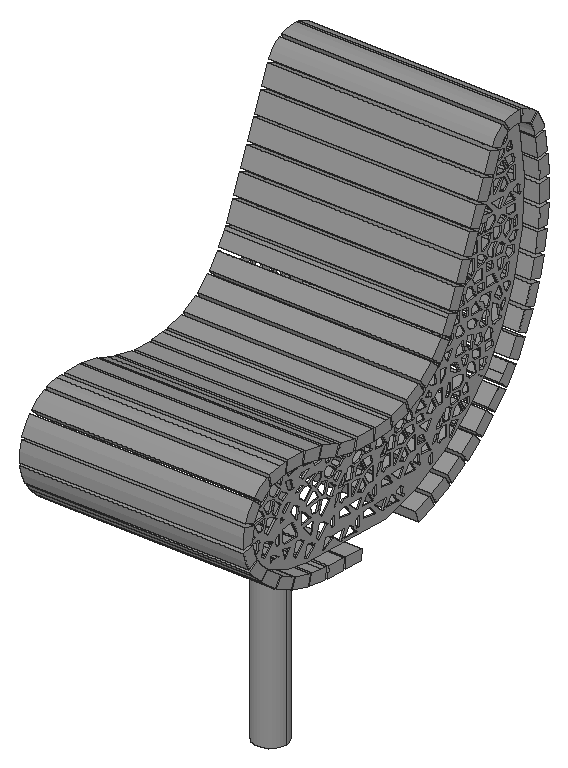
Revit family "Кресло стальное «Филигран Уно» Арт 14883", category Антураж, Revit 2018 (continued)
Automatic sketch dimensions
  Extrusion 2 sketch curve to Extrusion 2 sketch curve = 12.588 mm
  Extrusion 2 sketch curve to Extrusion 2 sketch curve = 8.17 mm
  Extrusion 2 sketch curve to Extrusion 2 sketch curve = 0.908 mm
  Extrusion 2 sketch curve to Extrusion 2 sketch curve = 10.88 mm  (x2)
  Extrusion 2 sketch curve to Extrusion 2 sketch curve = 4.074 mm
  Extrusion 2 sketch curve to Extrusion 2 sketch curve = 6.38 mm
  Extrusion 2 sketch curve to Extrusion 2 sketch curve = 5.724 mm
  Extrusion 2 sketch curve to Extrusion 2 sketch curve = 10.295 mm
  Extrusion 2 sketch curve to Extrusion 2 sketch curve = 25.757 mm
  Extrusion 2 sketch curve to Extrusion 2 sketch curve = 17.471 mm
  Extrusion 2 sketch curve to Extrusion 2 sketch curve = 8.82 mm
  Extrusion 2 sketch curve to Extrusion 2 sketch curve = 2.529 mm
  Extrusion 2 sketch curve to Extrusion 2 sketch curve = 19.531 mm
  Extrusion 2 sketch curve to Extrusion 2 sketch curve = 2.069 mm
  Extrusion 2 sketch curve to Extrusion 2 sketch curve = 15.946 mm
  Extrusion 2 sketch curve to Extrusion 2 sketch curve = 11.218 mm
  Extrusion 2 sketch curve to Extrusion 2 sketch curve = 10.722 mm
  Extrusion 2 sketch curve to Extrusion 2 sketch curve = 5.953 mm  (x2)
  Extrusion 2 sketch curve to Extrusion 2 sketch curve = 0.697 mm
  Extrusion 2 sketch curve to Extrusion 2 sketch curve = 5 mm
  Extrusion 2 sketch curve to Extrusion 2 sketch curve = 5.13 mm  (x5)
  Extrusion 2 sketch curve to Extrusion 2 sketch curve = 19.268 mm
  Extrusion 2 sketch curve to Extrusion 2 sketch curve = 3.877 mm
  Extrusion 2 sketch curve to Extrusion 2 sketch curve = 0.316 mm
  Extrusion 2 sketch curve to Extrusion 2 sketch curve = 10.465 mm
  Extrusion 2 sketch curve to Extrusion 2 sketch curve = 0.382 mm
  Extrusion 2 sketch curve to Extrusion 2 sketch curve = 19.205 mm
  Extrusion 2 sketch curve to Extrusion 2 sketch curve = 10 mm  (x5)
  Extrusion 2 sketch curve to Extrusion 2 sketch curve = 6.796 mm
  Extrusion 2 sketch curve to Extrusion 2 sketch curve = 10.868 mm
  Extrusion 2 sketch curve to Extrusion 2 sketch curve = 4.78 mm
  Extrusion 2 sketch curve to Extrusion 2 sketch curve = 16.988 mm
  Extrusion 2 sketch curve to Extrusion 2 sketch curve = 2.408 mm
  Extrusion 2 sketch curve to Extrusion 2 sketch curve = 11.773 mm
  Extrusion 2 sketch curve to Extrusion 2 sketch curve = 14.493 mm
  Extrusion 2 sketch curve to Extrusion 2 sketch curve = 1.312 mm
  Extrusion 2 sketch curve to Extrusion 2 sketch curve = 3.239 mm
  Extrusion 2 sketch curve to Extrusion 2 sketch curve = 3.705 mm
  Extrusion 2 sketch curve to Extrusion 2 sketch curve = 14.283 mm
  Extrusion 2 sketch curve to Extrusion 2 sketch curve = 18.99 mm
  Extrusion 2 sketch curve to Extrusion 2 sketch curve = 8.688 mm
  Extrusion 2 sketch curve to Extrusion 2 sketch curve = 12.673 mm
  Extrusion 2 sketch curve to Extrusion 2 sketch curve = 5.285 mm
  Extrusion 2 sketch curve to Extrusion 2 sketch curve = 11.156 mm
  Extrusion 2 sketch curve to Extrusion 2 sketch curve = 2.013 mm
  Extrusion 2 sketch curve to Extrusion 2 sketch curve = 8.553 mm
  Extrusion 2 sketch curve to Extrusion 2 sketch curve = 14.423 mm
  Extrusion 2 sketch curve to Extrusion 2 sketch curve = 3.471 mm
  Extrusion 2 sketch curve to Extrusion 2 sketch curve = 21.196 mm
  Extrusion 2 sketch curve to Extrusion 2 sketch curve = 1.557 mm
  Extrusion 2 sketch curve to Extrusion 2 sketch curve = 10.334 mm
  Extrusion 2 sketch curve to Extrusion 2 sketch curve = 8.058 mm
  Extrusion 2 sketch curve to Extrusion 2 sketch curve = 1.189 mm
  Extrusion 2 sketch curve to Extrusion 2 sketch curve = 15.702 mm
  Extrusion 2 sketch curve to Extrusion 2 sketch curve = 14.995 mm
  Extrusion 2 sketch curve to Extrusion 2 sketch curve = 22.163 mm
  Extrusion 2 sketch curve to Extrusion 2 sketch curve = 0.877 mm
  Extrusion 2 sketch curve to Extrusion 2 sketch curve = 14.363 mm
  Extrusion 2 sketch curve to Extrusion 2 sketch curve = 14.942 mm
  Extrusion 2 sketch curve to Extrusion 2 sketch curve = 2.754 mm
  Extrusion 2 sketch curve to Extrusion 2 sketch curve = 9.298 mm
  Extrusion 2 sketch curve to Extrusion 2 sketch curve = 8.489 mm
  Extrusion 2 sketch curve to Extrusion 2 sketch curve = 13.865 mm
  Extrusion 2 sketch curve to Extrusion 2 sketch curve = 0.219 mm
  Extrusion 2 sketch curve to Extrusion 2 sketch curve = 3.349 mm
  Extrusion 2 sketch curve to Extrusion 2 sketch curve = 8.38 mm  (x2)
  Extrusion 2 sketch curve to Extrusion 2 sketch curve = 2.693 mm
  Extrusion 2 sketch curve to Extrusion 2 sketch curve = 11.505 mm
  Extrusion 2 sketch curve to Extrusion 2 sketch curve = 19.176 mm
  Extrusion 2 sketch curve to Extrusion 2 sketch curve = 3.495 mm
  Extrusion 2 sketch curve to Extrusion 2 sketch curve = 6.243 mm
  Extrusion 2 sketch curve to Extrusion 2 sketch curve = 6.686 mm
  Extrusion 2 sketch curve to Extrusion 2 sketch curve = 9.677 mm
  Extrusion 2 sketch curve to Extrusion 2 sketch curve = 11.086 mm
  Extrusion 2 sketch curve to Extrusion 2 sketch curve = 11.27 mm
  Extrusion 2 sketch curve to Extrusion 2 sketch curve = 6.996 mm
  Extrusion 2 sketch curve to Extrusion 2 sketch curve = 7.759 mm
  Extrusion 2 sketch curve to Extrusion 2 sketch curve = 24.934 mm  (x2)
  Extrusion 2 sketch curve to Extrusion 2 sketch curve = 1.1 mm
  Extrusion 2 sketch curve to Extrusion 2 sketch curve = 6.172 mm
  Extrusion 2 sketch curve to Extrusion 2 sketch curve = 11.34 mm
  Extrusion 2 sketch curve to Extrusion 2 sketch curve = 21.723 mm
  Extrusion 2 sketch curve to Extrusion 2 sketch curve = 8.508 mm
  Extrusion 2 sketch curve to Extrusion 2 sketch curve = 1.781 mm
  Extrusion 2 sketch curve to Extrusion 2 sketch curve = 13.835 mm
  Extrusion 2 sketch curve to Extrusion 2 sketch curve = 6.93 mm
  Extrusion 2 sketch curve to Extrusion 2 sketch curve = 6.309 mm
  Extrusion 2 sketch curve to Extrusion 2 sketch curve = 20.837 mm
  Extrusion 2 sketch curve to Extrusion 2 sketch curve = 7.967 mm
  Extrusion 2 sketch curve to Extrusion 2 sketch curve = 4.788 mm
  Extrusion 2 sketch curve to Extrusion 2 sketch curve = 13.73 mm
  Extrusion 2 sketch curve to Extrusion 2 sketch curve = 11.901 mm
  Extrusion 2 sketch curve to Extrusion 2 sketch curve = 10.147 mm
  Extrusion 2 sketch curve to Extrusion 2 sketch curve = 5.206 mm
  Extrusion 2 sketch curve to Extrusion 2 sketch curve = 3.558 mm
  Extrusion 2 sketch curve to Extrusion 2 sketch curve = 15.97 mm
  Extrusion 2 sketch curve to Extrusion 2 sketch curve = 3.442 mm
  Extrusion 2 sketch curve to Extrusion 2 sketch curve = 1.821 mm
  Extrusion 2 sketch curve to Extrusion 2 sketch curve = 12.15 mm
  Extrusion 2 sketch curve to Extrusion 2 sketch curve = 8.222 mm
  Extrusion 2 sketch curve to Extrusion 2 sketch curve = 9.37 mm
  Extrusion 2 sketch curve to Extrusion 2 sketch curve = 2.475 mm
  Extrusion 2 sketch curve to Extrusion 2 sketch curve = 3.1 mm
  Extrusion 2 sketch curve to Extrusion 2 sketch curve = 4.807 mm
  Extrusion 2 sketch curve to Extrusion 2 sketch curve = 8.887 mm
  Extrusion 2 sketch curve to Extrusion 2 sketch curve = 14.536 mm
  Extrusion 2 sketch curve to Extrusion 2 sketch curve = 16.383 mm
  Extrusion 2 sketch curve to Extrusion 2 sketch curve = 10.873 mm  (x2)
  Extrusion 2 sketch curve to Extrusion 2 sketch curve = 7.69 mm
  Extrusion 2 sketch curve to Extrusion 2 sketch curve = 32.081 mm
  Extrusion 2 sketch curve to Extrusion 2 sketch curve = 14.943 mm
  Extrusion 2 sketch curve to Extrusion 2 sketch curve = 0.87 mm
  Extrusion 2 sketch curve to Extrusion 2 sketch curve = 6.622 mm
  Extrusion 2 sketch curve to Extrusion 2 sketch curve = 0.135 mm
  Extrusion 2 sketch curve to Extrusion 2 sketch curve = 2.055 mm
  Extrusion 2 sketch curve to Extrusion 2 sketch curve = 10.536 mm
  Extrusion 2 sketch curve to Extrusion 2 sketch curve = 0.59 mm
  Extrusion 2 sketch curve to Extrusion 2 sketch curve = 2.246 mm
  Extrusion 2 sketch curve to Extrusion 2 sketch curve = 7.885 mm
  Extrusion 2 sketch curve to Extrusion 2 sketch curve = 3.013 mm
  Extrusion 2 sketch curve to Extrusion 2 sketch curve = 4.134 mm
  Extrusion 2 sketch curve to Extrusion 2 sketch curve = 13.735 mm
  Extrusion 2 sketch curve to Extrusion 2 sketch curve = 11.872 mm
  Extrusion 2 sketch curve to Extrusion 2 sketch curve = 11.061 mm
  Extrusion 2 sketch curve to Extrusion 2 sketch curve = 1.768 mm
  Extrusion 2 sketch curve to Extrusion 2 sketch curve = 7.8 mm
  Extrusion 2 sketch curve to Extrusion 2 sketch curve = 14.298 mm
  Extrusion 2 sketch curve to Extrusion 2 sketch curve = 28.716 mm
  Extrusion 2 sketch curve to Extrusion 2 sketch curve = 0.844 mm
  Extrusion 2 sketch curve to Extrusion 2 sketch curve = 10.413 mm
  Extrusion 2 sketch curve to Extrusion 2 sketch curve = 5.817 mm  (x2)
  Extrusion 2 sketch curve to Extrusion 2 sketch curve = 11.713 mm
  Extrusion 2 sketch curve to Extrusion 2 sketch curve = 6.781 mm
  Extrusion 2 sketch curve to Extrusion 2 sketch curve = 25.572 mm
  Extrusion 2 sketch curve to Extrusion 2 sketch curve = 9.358 mm
  Extrusion 2 sketch curve to Extrusion 2 sketch curve = 4.717 mm
  Extrusion 2 sketch curve to Extrusion 2 sketch curve = 18.255 mm
  Extrusion 2 sketch curve to Extrusion 2 sketch curve = 9.691 mm
  Extrusion 2 sketch curve to Extrusion 2 sketch curve = 6.507 mm
  Extrusion 2 sketch curve to Extrusion 2 sketch curve = 1.278 mm
  Extrusion 2 sketch curve to Extrusion 2 sketch curve = 5.632 mm
  Extrusion 2 sketch curve to Extrusion 2 sketch curve = 5.355 mm
  Extrusion 2 sketch curve to Extrusion 2 sketch curve = 10.816 mm
  Extrusion 2 sketch curve to Extrusion 2 sketch curve = 8.493 mm
  Extrusion 2 sketch curve to Extrusion 2 sketch curve = 9.047 mm
  Extrusion 2 sketch curve to Extrusion 2 sketch curve = 18.163 mm
  Extrusion 2 sketch curve to Extrusion 2 sketch curve = 12.918 mm
  Extrusion 2 sketch curve to Extrusion 2 sketch curve = 1.635 mm
  Extrusion 2 sketch curve to Extrusion 2 sketch curve = 7.709 mm
  Extrusion 2 sketch curve to Extrusion 2 sketch curve = 7.036 mm
  Extrusion 2 sketch curve to Extrusion 2 sketch curve = 18.856 mm
  Extrusion 2 sketch curve to Extrusion 2 sketch curve = 23.61 mm
  Extrusion 2 sketch curve to Extrusion 2 sketch curve = 6.687 mm
  Extrusion 2 sketch curve to plane 6 = 77.66 mm
  Extrusion 2 sketch curve to Extrusion 2 sketch curve = 13.694 mm
  Extrusion 2 sketch curve to Extrusion 2 sketch curve = 13.365 mm
  Extrusion 2 sketch curve to Extrusion 2 sketch curve = 10.029 mm
  Extrusion 2 sketch curve to Extrusion 2 sketch curve = 6.512 mm
  Extrusion 2 sketch curve to Extrusion 2 sketch curve = 3.813 mm
  Extrusion 2 sketch curve to Extrusion 2 sketch curve = 5.878 mm
  Extrusion 2 sketch curve to Extrusion 2 sketch curve = 13.881 mm
  Extrusion 2 sketch curve to Extrusion 2 sketch curve = 22.928 mm
  Extrusion 2 sketch curve to Extrusion 2 sketch curve = 2.579 mm
  Extrusion 2 sketch curve to Extrusion 2 sketch curve = 14.617 mm
  Extrusion 2 sketch curve to Extrusion 2 sketch curve = 21.071 mm
  Extrusion 2 sketch curve to Extrusion 2 sketch curve = 24.417 mm
  Extrusion 2 sketch curve to Extrusion 2 sketch curve = 7.446 mm
  Extrusion 2 sketch curve to Extrusion 2 sketch curve = 3.831 mm
  Extrusion 2 sketch curve to Extrusion 2 sketch curve = 6.187 mm
  Extrusion 2 sketch curve to Extrusion 2 sketch curve = 2.277 mm
  Extrusion 2 sketch curve to Extrusion 2 sketch curve = 7.072 mm  (x2)
  Extrusion 2 sketch curve to Extrusion 2 sketch curve = 4.649 mm
  Extrusion 2 sketch curve to Extrusion 2 sketch curve = 6.195 mm
  Extrusion 2 sketch curve to Extrusion 2 sketch curve = 5.935 mm
  Extrusion 2 sketch curve to Extrusion 2 sketch curve = 1.307 mm
  Extrusion 2 sketch curve to Extrusion 2 sketch curve = 6.531 mm
  Extrusion 2 sketch curve to Extrusion 2 sketch curve = 11.017 mm
  Extrusion 2 sketch curve to Extrusion 2 sketch curve = 5.712 mm
  Extrusion 2 sketch curve to Extrusion 2 sketch curve = 15.111 mm
  Extrusion 2 sketch curve to Extrusion 2 sketch curve = 4.066 mm
  Extrusion 2 sketch curve to Extrusion 2 sketch curve = 2.898 mm
  Extrusion 2 sketch curve to Extrusion 2 sketch curve = 3.776 mm
  Extrusion 2 sketch curve to Extrusion 2 sketch curve = 12.052 mm
  Extrusion 2 sketch curve to Extrusion 2 sketch curve = 8.743 mm
  Extrusion 2 sketch curve to Extrusion 2 sketch curve = 5.919 mm
  Extrusion 2 sketch curve to Extrusion 2 sketch curve = 11.103 mm
  Extrusion 2 sketch curve to Extrusion 2 sketch curve = 29.237 mm
  Extrusion 2 sketch curve to plane 6 = 81.403 mm
  Extrusion 2 sketch curve to Extrusion 2 sketch curve = 31.485 mm
  Extrusion 2 sketch curve to Extrusion 2 sketch curve = 0.763 mm
  Extrusion 2 sketch curve to Extrusion 2 sketch curve = 3.449 mm
  Extrusion 2 sketch curve to Extrusion 2 sketch curve = 7.377 mm  (x3)
  Extrusion 2 sketch curve to Extrusion 2 sketch curve = 29.033 mm
  Extrusion 2 sketch curve to Extrusion 2 sketch curve = 0.017 mm
  Extrusion 2 sketch curve to Extrusion 2 sketch curve = 11.071 mm
  Extrusion 2 sketch curve to Extrusion 2 sketch curve = 25.729 mm
  Extrusion 2 sketch curve to Extrusion 2 sketch curve = 3.915 mm
  Extrusion 2 sketch curve to Extrusion 2 sketch curve = 1.397 mm
  Extrusion 2 sketch curve to Extrusion 2 sketch curve = 2.77 mm
  Extrusion 2 sketch curve to Extrusion 2 sketch curve = 5.075 mm
  Extrusion 2 sketch curve to Extrusion 2 sketch curve = 8.929 mm
  Extrusion 2 sketch curve to Extrusion 2 sketch curve = 5.103 mm
  Extrusion 2 sketch curve to Extrusion 2 sketch curve = 4.69 mm
  Extrusion 2 sketch curve to Extrusion 2 sketch curve = 10.95 mm
  Extrusion 2 sketch curve to Extrusion 2 sketch curve = 1.93 mm
  Extrusion 2 sketch curve to Extrusion 2 sketch curve = 3.619 mm
  Extrusion 2 sketch curve to Extrusion 2 sketch curve = 27.333 mm
  Extrusion 2 sketch curve to Extrusion 2 sketch curve = 1.167 mm
  Extrusion 2 sketch curve to Extrusion 2 sketch curve = 2.443 mm
  Extrusion 2 sketch curve to Extrusion 2 sketch curve = 3.71 mm
  Extrusion 2 sketch curve to Extrusion 2 sketch curve = 4.75 mm
  Extrusion 2 sketch curve to Extrusion 2 sketch curve = 7.057 mm
  Extrusion 2 sketch curve to Extrusion 2 sketch curve = 12.603 mm
  Extrusion 2 sketch curve to Extrusion 2 sketch curve = 2.54 mm
  Extrusion 2 sketch curve to Extrusion 2 sketch curve = 6.852 mm
  Extrusion 2 sketch curve to Extrusion 2 sketch curve = 0.602 mm
  Extrusion 2 sketch curve to Extrusion 2 sketch curve = 22.496 mm
  Extrusion 2 sketch curve to Extrusion 2 sketch curve = 20.648 mm
  Extrusion 2 sketch curve to Extrusion 2 sketch curve = 7.067 mm
  Extrusion 2 sketch curve to Extrusion 2 sketch curve = 3.52 mm
  Extrusion 2 sketch curve to Extrusion 2 sketch curve = 24.575 mm
  Extrusion 2 sketch curve to Extrusion 2 sketch curve = 3.575 mm
  Extrusion 2 sketch curve to Extrusion 2 sketch curve = 3.263 mm
  Extrusion 2 sketch curve to Extrusion 2 sketch curve = 17.549 mm
  Extrusion 2 sketch curve to Extrusion 2 sketch curve = 3.871 mm
  Extrusion 2 sketch curve to Extrusion 2 sketch curve = 7.323 mm
  Extrusion 2 sketch curve to Extrusion 2 sketch curve = 8.596 mm
  Extrusion 2 sketch curve to Extrusion 2 sketch curve = 30.952 mm
  Extrusion 2 sketch curve to Extrusion 2 sketch curve = 17.372 mm
  Extrusion 2 sketch curve to Extrusion 2 sketch curve = 4.631 mm
  Extrusion 2 sketch curve to Extrusion 2 sketch curve = 17.003 mm
  Extrusion 2 sketch curve to Extrusion 2 sketch curve = 11.594 mm
  Extrusion 2 sketch curve to Extrusion 2 sketch curve = 4.32 mm
  Extrusion 2 sketch curve to Extrusion 2 sketch curve = 2.399 mm
  Extrusion 2 sketch curve to Extrusion 2 sketch curve = 11.033 mm
  Extrusion 2 sketch curve to Extrusion 2 sketch curve = 4.327 mm
  Extrusion 2 sketch curve to Extrusion 2 sketch curve = 5.03 mm
  Extrusion 2 sketch curve to Extrusion 2 sketch curve = 20 mm  (x4)
  Extrusion 2 sketch curve to Extrusion 2 sketch curve = 23.148 mm
  Extrusion 2 sketch curve to Extrusion 2 sketch curve = 4.187 mm
  Extrusion 2 sketch curve to Extrusion 2 sketch curve = 5.401 mm
  Extrusion 2 sketch curve to Extrusion 2 sketch curve = 6.226 mm
  Extrusion 2 sketch curve to Extrusion 2 sketch curve = 14.506 mm
  Extrusion 2 sketch curve to Extrusion 2 sketch curve = 6.095 mm
  Extrusion 2 sketch curve to Extrusion 2 sketch curve = 6.586 mm
  Extrusion 2 sketch curve to Extrusion 2 sketch curve = 2.769 mm
  Extrusion 2 sketch curve to Extrusion 2 sketch curve = 3.053 mm  (x3)
  Extrusion 2 sketch curve to Extrusion 2 sketch curve = 10.283 mm
  Extrusion 2 sketch curve to Extrusion 2 sketch curve = 14.773 mm
  Extrusion 2 sketch curve to Extrusion 2 sketch curve = 12.913 mm
  Extrusion 2 sketch curve to Extrusion 2 sketch curve = 9.856 mm  (x2)
  Extrusion 2 sketch curve to Extrusion 2 sketch curve = 4.897 mm
  Extrusion 2 sketch curve to Extrusion 2 sketch curve = 6.053 mm
  Extrusion 2 sketch curve to Extrusion 2 sketch curve = 19.97 mm
  Extrusion 2 sketch curve to Extrusion 2 sketch curve = 5.748 mm
  Extrusion 2 sketch curve to Extrusion 2 sketch curve = 7.957 mm
  Extrusion 2 sketch curve to Extrusion 2 sketch curve = 12.523 mm
  Extrusion 2 sketch curve to Extrusion 2 sketch curve = 1.075 mm
  Extrusion 2 sketch curve to Extrusion 2 sketch curve = 7.313 mm
  Extrusion 2 sketch curve to Extrusion 2 sketch curve = 5.16 mm
  Extrusion 2 sketch curve to Extrusion 2 sketch curve = 6.161 mm
  Extrusion 2 sketch curve to Extrusion 2 sketch curve = 14.142 mm  (x2)
  Extrusion 2 sketch curve to Extrusion 2 sketch curve = 14.873 mm
  Extrusion 2 sketch curve to Extrusion 2 sketch curve = 9.884 mm  (x2)
  Extrusion 2 sketch curve to Extrusion 2 sketch curve = 6.248 mm
  Extrusion 2 sketch curve to Extrusion 2 sketch curve = 20.718 mm
  Extrusion 2 sketch curve to Extrusion 2 sketch curve = 6.186 mm
  Extrusion 2 sketch curve to Extrusion 2 sketch curve = 1.706 mm
  Extrusion 2 sketch curve to Extrusion 2 sketch curve = 17.108 mm
  Extrusion 2 sketch curve to Extrusion 2 sketch curve = 0.509 mm
  Extrusion 2 sketch curve to Extrusion 2 sketch curve = 7.526 mm
  Extrusion 2 sketch curve to Extrusion 2 sketch curve = 31.192 mm
  Extrusion 2 sketch curve to Extrusion 2 sketch curve = 7.021 mm
  Extrusion 2 sketch curve to Extrusion 2 sketch curve = 14.305 mm  (x3)
  Extrusion 2 sketch curve to Extrusion 2 sketch curve = 13.326 mm
  Extrusion 2 sketch curve to Extrusion 2 sketch curve = 5.153 mm
  Extrusion 2 sketch curve to Extrusion 2 sketch curve = 3.532 mm  (x7)
  Extrusion 2 sketch curve to Extrusion 2 sketch curve = 12.203 mm
  Extrusion 2 sketch curve to Extrusion 2 sketch curve = 13.908 mm  (x4)
  Extrusion 2 sketch curve to Extrusion 2 sketch curve = 14.79 mm
  Extrusion 2 sketch curve to Extrusion 2 sketch curve = 14.291 mm  (x5)
  Extrusion 2 sketch curve to Extrusion 2 sketch curve = 7.58 mm
  Extrusion 2 sketch curve to Extrusion 2 sketch curve = 9.411 mm
  Extrusion 2 sketch curve to Extrusion 2 sketch curve = 4.77 mm
  Extrusion 2 sketch curve to Extrusion 2 sketch curve = 22.25 mm
  Extrusion 2 sketch curve to Extrusion 2 sketch curve = 13.28 mm
  Extrusion 2 sketch curve to Extrusion 2 sketch curve = 10.078 mm
  Extrusion 2 sketch curve to Extrusion 2 sketch curve = 21.477 mm
  Extrusion 2 sketch curve to Extrusion 2 sketch curve = 15.249 mm
  Extrusion 2 sketch curve to Extrusion 2 sketch curve = 11.765 mm
  Extrusion 2 sketch curve to Extrusion 2 sketch curve = 29.408 mm
  Extrusion 2 sketch curve to Extrusion 2 sketch curve = 4.056 mm  (x2)
  Extrusion 2 sketch curve to Extrusion 2 sketch curve = 6.046 mm  (x2)
  Extrusion 2 sketch curve to Extrusion 2 sketch curve = 25.505 mm
  Extrusion 2 sketch curve to Extrusion 2 sketch curve = 20.815 mm
  Extrusion 2 sketch curve to Extrusion 2 sketch curve = 24.393 mm  (x2)
  Extrusion 2 sketch curve to Extrusion 2 sketch curve = 8.519 mm
  Extrusion 2 sketch curve to Extrusion 2 sketch curve = 3.957 mm  (x3)
  Extrusion 2 sketch curve to Extrusion 2 sketch curve = 2.818 mm  (x2)
  Extrusion 2 sketch curve to Extrusion 2 sketch curve = 17.596 mm
  Extrusion 2 sketch curve to Extrusion 2 sketch curve = 11.123 mm
  Extrusion 2 sketch curve to Extrusion 2 sketch curve = 37.704 mm
  Extrusion 2 sketch curve to Extrusion 2 sketch curve = 13.869 mm  (x2)
  Extrusion 2 sketch curve to Extrusion 2 sketch curve = 6.128 mm
  Extrusion 2 sketch curve to Extrusion 2 sketch curve = 29.517 mm  (x2)
  Extrusion 2 sketch curve to Extrusion 2 sketch curve = 11.876 mm  (x2)
  Extrusion 2 sketch curve to Extrusion 2 sketch curve = 15.17 mm  (x2)
  Extrusion 2 sketch curve to Extrusion 2 sketch curve = 3.124 mm
  Extrusion 2 sketch curve to Extrusion 2 sketch curve = 10.48 mm
  Extrusion 2 sketch curve to Extrusion 2 sketch curve = 5.17 mm
  Extrusion 2 sketch curve to Extrusion 2 sketch curve = 4.193 mm
  Extrusion 2 sketch curve to Extrusion 2 sketch curve = 3.26 mm  (x2)
  Extrusion 2 sketch curve to Extrusion 2 sketch curve = 15.949 mm  (x2)
  Extrusion 2 sketch curve to Extrusion 2 sketch curve = 2.32 mm
  Extrusion 2 sketch curve to Extrusion 2 sketch curve = 30.794 mm
  Extrusion 2 sketch curve to Extrusion 2 sketch curve = 5.835 mm  (x3)
  Extrusion 2 sketch curve to Extrusion 2 sketch curve = 16.513 mm  (x3)
  Extrusion 2 sketch curve to Extrusion 2 sketch curve = 7.454 mm  (x3)
  Extrusion 2 sketch curve to Extrusion 2 sketch curve = 5.409 mm  (x2)
  Extrusion 2 sketch curve to Extrusion 2 sketch curve = 1.326 mm  (x4)
  Extrusion 2 sketch curve to Extrusion 2 sketch curve = 9.457 mm  (x3)
  Extrusion 2 sketch curve to Extrusion 2 sketch curve = 2.782 mm  (x3)
  Extrusion 2 sketch curve to Extrusion 2 sketch curve = 11.332 mm  (x2)
  Extrusion 2 sketch curve to Extrusion 2 sketch curve = 13.151 mm
  Extrusion 2 sketch curve to Extrusion 2 sketch curve = 5.011 mm  (x2)
  Extrusion 2 sketch curve to Extrusion 2 sketch curve = 7.685 mm  (x2)
  Extrusion 2 sketch curve to Extrusion 2 sketch curve = 16.976 mm
  Extrusion 2 sketch curve to Extrusion 2 sketch curve = 6.849 mm
  Extrusion 2 sketch curve to Extrusion 2 sketch curve = 19.717 mm  (x2)
  Extrusion 2 sketch curve to Extrusion 2 sketch curve = 4.341 mm  (x5)
  Extrusion 2 sketch curve to Extrusion 2 sketch curve = 1.129 mm
  Extrusion 2 sketch curve to Extrusion 2 sketch curve = 19.827 mm  (x3)
  Extrusion 2 sketch curve to Extrusion 2 sketch curve = 6.329 mm
  Extrusion 2 sketch curve to Extrusion 2 sketch curve = 3.869 mm
  Extrusion 2 sketch curve to Extrusion 2 sketch curve = 12.925 mm
  Extrusion 2 sketch curve to Extrusion 2 sketch curve = 3.67 mm  (x4)
  Extrusion 2 sketch curve to Extrusion 2 sketch curve = 5.561 mm  (x2)
  Extrusion 2 sketch curve to Extrusion 2 sketch curve = 14.825 mm
  Extrusion 2 sketch curve to Extrusion 2 sketch curve = 1.506 mm  (x4)
  Extrusion 2 sketch curve to Extrusion 2 sketch curve = 33.192 mm
  Extrusion 2 sketch curve to Extrusion 2 sketch curve = 33.674 mm  (x4)
  Extrusion 2 sketch curve to Extrusion 2 sketch curve = 15.417 mm  (x2)
  Extrusion 2 sketch curve to Extrusion 2 sketch curve = 40.328 mm
  Extrusion 2 sketch curve to Extrusion 2 sketch curve = 1.06 mm  (x3)
  Extrusion 2 sketch curve to Extrusion 2 sketch curve = 0.441 mm  (x4)
  Extrusion 2 sketch curve to Extrusion 2 sketch curve = 3.554 mm  (x4)
  Extrusion 2 sketch curve to Extrusion 2 sketch curve = 23.436 mm  (x2)
  Extrusion 2 sketch curve to Extrusion 2 sketch curve = 8.73 mm  (x2)
  Extrusion 2 sketch curve to Extrusion 2 sketch curve = 7.917 mm
  Extrusion 2 sketch curve to Extrusion 2 sketch curve = 2.861 mm
  Extrusion 2 sketch curve to Extrusion 2 sketch curve = 6.857 mm  (x3)
  Extrusion 2 sketch curve to Extrusion 2 sketch curve = 9.824 mm
  Extrusion 2 sketch curve to Extrusion 2 sketch curve = 3.556 mm  (x3)
  Extrusion 2 sketch curve to Extrusion 2 sketch curve = 5.22 mm  (x2)
  Extrusion 2 sketch curve to Extrusion 2 sketch curve = 5.869 mm  (x2)
  Extrusion 2 sketch curve to Extrusion 2 sketch curve = 6.366 mm  (x2)
  Extrusion 2 sketch curve to Extrusion 2 sketch curve = 3.638 mm  (x2)
  Extrusion 2 sketch curve to Extrusion 2 sketch curve = 2.761 mm  (x2)
  Extrusion 2 sketch curve to Extrusion 2 sketch curve = 4.523 mm  (x2)
  Extrusion 2 sketch curve to Extrusion 2 sketch curve = 0.746 mm  (x4)
  Extrusion 2 sketch curve to Extrusion 2 sketch curve = 20.861 mm
  Extrusion 2 sketch curve to Extrusion 2 sketch curve = 3.414 mm  (x2)
  Extrusion 2 sketch curve to Extrusion 2 sketch curve = 10.296 mm
  Extrusion 2 sketch curve to Extrusion 2 sketch curve = 4.475 mm  (x3)
  Extrusion 2 sketch curve to Extrusion 2 sketch curve = 7.863 mm  (x4)
  Extrusion 2 sketch curve to Extrusion 2 sketch curve = 1.949 mm
  Extrusion 2 sketch curve to Extrusion 2 sketch curve = 5.456 mm  (x3)
  Extrusion 2 sketch curve to Extrusion 2 sketch curve = 12.69 mm  (x2)
  Extrusion 2 sketch curve to Extrusion 2 sketch curve = 8.318 mm  (x2)
  Extrusion 2 sketch curve to Extrusion 2 sketch curve = 9.397 mm
  Extrusion 2 sketch curve to Extrusion 2 sketch curve = 14.121 mm
  Extrusion 2 sketch curve to Extrusion 2 sketch curve = 7.157 mm
  Extrusion 2 sketch curve to Extrusion 2 sketch curve = 12.484 mm
  Extrusion 2 sketch curve to Extrusion 2 sketch curve = 5.374 mm  (x2)
  Extrusion 2 sketch curve to Extrusion 2 sketch curve = 13.519 mm
  Extrusion 2 sketch curve to Extrusion 2 sketch curve = 14.791 mm
  Extrusion 2 sketch curve to Extrusion 2 sketch curve = 6.012 mm
  Extrusion 2 sketch curve to Extrusion 2 sketch curve = 5.211 mm
  Extrusion 2 sketch curve to Extrusion 2 sketch curve = 4.393 mm  (x2)
  Extrusion 2 sketch curve to Extrusion 2 sketch curve = 5.778 mm  (x4)
  Extrusion 2 sketch curve to Extrusion 2 sketch curve = 13.099 mm  (x2)
  Extrusion 2 sketch curve to Extrusion 2 sketch curve = 13.635 mm
  Extrusion 2 sketch curve to Extrusion 2 sketch curve = 27.154 mm  (x3)
  Extrusion 2 sketch curve to Extrusion 2 sketch curve = 3.731 mm  (x2)
  Extrusion 2 sketch curve to Extrusion 2 sketch curve = 5.232 mm  (x4)
  Extrusion 2 sketch curve to Extrusion 2 sketch curve = 5.547 mm  (x2)
  Extrusion 2 sketch curve to Extrusion 2 sketch curve = 6.911 mm  (x2)
  Extrusion 2 sketch curve to Extrusion 2 sketch curve = 23.926 mm
  Extrusion 2 sketch curve to Extrusion 2 sketch curve = 12.371 mm
  Extrusion 2 sketch curve to Extrusion 2 sketch curve = 3.033 mm  (x2)
  Extrusion 2 sketch curve to Extrusion 2 sketch curve = 4.794 mm  (x3)
  Extrusion 2 sketch curve to Extrusion 2 sketch curve = 3.579 mm  (x5)
  Extrusion 2 sketch curve to Extrusion 2 sketch curve = 7.5 mm
  Extrusion 2 sketch curve to Extrusion 2 sketch curve = 4.691 mm
  Extrusion 2 sketch curve to Extrusion 2 sketch curve = 6.401 mm  (x4)
  Extrusion 2 sketch curve to Extrusion 2 sketch curve = 5.305 mm
  Extrusion 2 sketch curve to Extrusion 2 sketch curve = 7.574 mm  (x2)
  Extrusion 2 sketch curve to Extrusion 2 sketch curve = 2.385 mm  (x2)
  Extrusion 2 sketch curve to Extrusion 2 sketch curve = 8.898 mm
  Extrusion 2 sketch curve to Extrusion 2 sketch curve = 4.205 mm  (x4)
  Extrusion 2 sketch curve to Extrusion 2 sketch curve = 8.754 mm  (x4)
  Extrusion 2 sketch curve to Extrusion 2 sketch curve = 0.182 mm
  Extrusion 2 sketch curve to Extrusion 2 sketch curve = 0.287 mm
  Extrusion 2 sketch curve to Extrusion 2 sketch curve = 9.574 mm
  Extrusion 2 sketch curve to Extrusion 2 sketch curve = 8.531 mm  (x2)
  Extrusion 2 sketch curve to Extrusion 2 sketch curve = 3.064 mm
  Extrusion 2 sketch curve to Extrusion 2 sketch curve = 10.09 mm  (x2)
  Extrusion 2 sketch curve to Extrusion 2 sketch curve = 5.197 mm  (x2)
  Extrusion 2 sketch curve to Extrusion 2 sketch curve = 8.902 mm  (x2)
  Extrusion 2 sketch curve to Extrusion 2 sketch curve = 14.024 mm
  Extrusion 2 sketch curve to Extrusion 2 sketch curve = 3.63 mm  (x2)
  Extrusion 2 sketch curve to Extrusion 2 sketch curve = 1.672 mm  (x2)
  Extrusion 2 sketch curve to Extrusion 2 sketch curve = 7.91 mm
  Extrusion 2 sketch curve to Extrusion 2 sketch curve = 7.001 mm  (x2)
  Extrusion 2 sketch curve to Extrusion 2 sketch curve = 12.731 mm  (x4)
  Extrusion 2 sketch curve to Extrusion 2 sketch curve = 8.523 mm
  Extrusion 2 sketch curve to Extrusion 2 sketch curve = 12.835 mm
  Extrusion 2 sketch curve to Extrusion 2 sketch curve = 1.411 mm  (x2)
  Extrusion 2 sketch curve to Extrusion 2 sketch curve = 15.381 mm  (x2)
  Extrusion 2 sketch curve to Extrusion 2 sketch curve = 3.691 mm  (x2)
  Extrusion 2 sketch curve to Extrusion 2 sketch curve = 1.846 mm  (x2)
  Extrusion 2 sketch curve to Extrusion 2 sketch curve = 11.116 mm  (x2)
  Extrusion 2 sketch curve to Extrusion 2 sketch curve = 2.349 mm
  Extrusion 2 sketch curve to Extrusion 2 sketch curve = 15.355 mm  (x4)
  Extrusion 2 sketch curve to Extrusion 2 sketch curve = 4.56 mm
  Extrusion 2 sketch curve to Extrusion 2 sketch curve = 3.641 mm  (x3)
  Extrusion 2 sketch curve to Extrusion 2 sketch curve = 9.597 mm
  Extrusion 2 sketch curve to Extrusion 2 sketch curve = 12.79 mm
  Extrusion 2 sketch curve to Extrusion 2 sketch curve = 5.434 mm  (x2)
  Extrusion 2 sketch curve to Extrusion 2 sketch curve = 11.89 mm
  Extrusion 2 sketch curve to Extrusion 2 sketch curve = 14.776 mm  (x2)
  Extrusion 2 sketch curve to Extrusion 2 sketch curve = 0.22 mm  (x2)
  Extrusion 2 sketch curve to Extrusion 2 sketch curve = 12.714 mm
  Extrusion 2 sketch curve to Extrusion 2 sketch curve = 2.029 mm
  Extrusion 2 sketch curve to Extrusion 2 sketch curve = 6.721 mm  (x2)
  Extrusion 2 sketch curve to Extrusion 2 sketch curve = 18.293 mm
  Extrusion 2 sketch curve to Extrusion 2 sketch curve = 9.848 mm  (x2)
  Extrusion 2 sketch curve to Extrusion 2 sketch curve = 9.352 mm  (x2)
  Extrusion 2 sketch curve to Extrusion 2 sketch curve = 8.03 mm
  Extrusion 2 sketch curve to Extrusion 2 sketch curve = 12.625 mm
  Extrusion 2 sketch curve to Extrusion 2 sketch curve = 4.033 mm  (x4)
  Extrusion 2 sketch curve to Extrusion 2 sketch curve = 11.011 mm  (x2)
  Extrusion 2 sketch curve to Extrusion 2 sketch curve = 8.58 mm
  Extrusion 2 sketch curve to Extrusion 2 sketch curve = 8.426 mm  (x2)
  Extrusion 2 sketch curve to Extrusion 2 sketch curve = 8.785 mm  (x2)
  Extrusion 2 sketch curve to Extrusion 2 sketch curve = 9.672 mm  (x2)
  Extrusion 2 sketch curve to Extrusion 2 sketch curve = 0.149 mm  (x2)
  Extrusion 2 sketch curve to Extrusion 2 sketch curve = 7.958 mm
  Extrusion 2 sketch curve to Extrusion 2 sketch curve = 3.672 mm  (x2)
  Extrusion 2 sketch curve to Extrusion 2 sketch curve = 5.688 mm  (x4)
  Extrusion 2 sketch curve to Extrusion 2 sketch curve = 2.237 mm
  Extrusion 2 sketch curve to Extrusion 2 sketch curve = 8.991 mm
  Extrusion 2 sketch curve to Extrusion 2 sketch curve = 0.927 mm
  Extrusion 2 sketch curve to Extrusion 2 sketch curve = 3.706 mm  (x2)
  Extrusion 2 sketch curve to Extrusion 2 sketch curve = 3.773 mm
  Extrusion 2 sketch curve to Extrusion 2 sketch curve = 13.587 mm
  Extrusion 2 sketch curve to Extrusion 2 sketch curve = 14.57 mm
  Extrusion 2 sketch curve to Extrusion 2 sketch curve = 17.48 mm
  Extrusion 2 sketch curve to Extrusion 2 sketch curve = 7.703 mm
  Extrusion 2 sketch curve to Extrusion 2 sketch curve = 5.369 mm
  Extrusion 2 sketch curve to Extrusion 2 sketch curve = 18.093 mm
  Extrusion 2 sketch curve to Extrusion 2 sketch curve = 15.758 mm
  Extrusion 2 sketch curve to Extrusion 2 sketch curve = 12.899 mm  (x2)
  Extrusion 2 sketch curve to Extrusion 2 sketch curve = 20.496 mm  (x2)
  Extrusion 2 sketch curve to Extrusion 2 sketch curve = 10.278 mm  (x2)
  Extrusion 2 sketch curve to Extrusion 2 sketch curve = 6.668 mm
  Extrusion 2 sketch curve to Extrusion 2 sketch curve = 2.834 mm  (x2)
  Extrusion 2 sketch curve to Extrusion 2 sketch curve = 12.833 mm
  Extrusion 2 sketch curve to Extrusion 2 sketch curve = 11.739 mm
  Extrusion 2 sketch curve to Extrusion 2 sketch curve = 4.253 mm
  Extrusion 2 sketch curve to Extrusion 2 sketch curve = 4.185 mm  (x2)
  Extrusion 2 sketch curve to Extrusion 2 sketch curve = 20.536 mm  (x2)
  Extrusion 2 sketch curve to Extrusion 2 sketch curve = 0.549 mm
  Extrusion 2 sketch curve to Extrusion 2 sketch curve = 9.431 mm
  Extrusion 2 sketch curve to Extrusion 2 sketch curve = 15.611 mm
  Extrusion 2 sketch curve to Extrusion 2 sketch curve = 1.398 mm
  Extrusion 2 sketch curve to Extrusion 2 sketch curve = 4.45 mm
  Extrusion 2 sketch curve to Extrusion 2 sketch curve = 0.784 mm  (x2)
  Extrusion 2 sketch curve to Extrusion 2 sketch curve = 7.167 mm
  Extrusion 2 sketch curve to Extrusion 2 sketch curve = 8.858 mm  (x3)
  Extrusion 2 sketch curve to Extrusion 2 sketch curve = 18.996 mm
  Extrusion 2 sketch curve to Extrusion 2 sketch curve = 10.675 mm
  Extrusion 2 sketch curve to Extrusion 2 sketch curve = 6.636 mm
  Extrusion 2 sketch curve to Extrusion 2 sketch curve = 10.302 mm
  Extrusion 2 sketch curve to Extrusion 2 sketch curve = 31.621 mm
  Extrusion 2 sketch curve to Extrusion 2 sketch curve = 10.301 mm
  Extrusion 2 sketch curve to Extrusion 2 sketch curve = 0.83 mm
  Extrusion 2 sketch curve to Extrusion 2 sketch curve = 5.997 mm
  Extrusion 2 sketch curve to Extrusion 2 sketch curve = 5.718 mm
  Extrusion 2 sketch curve to Extrusion 2 sketch curve = 9.075 mm
  Extrusion 2 sketch curve to Extrusion 2 sketch curve = 7.071 mm
  Extrusion 2 sketch curve to Extrusion 2 sketch curve = 1.698 mm
  Extrusion 2 sketch curve to Extrusion 2 sketch curve = 0.737 mm
  Extrusion 2 sketch curve to Extrusion 2 sketch curve = 6.689 mm
  Extrusion 2 sketch curve to Extrusion 2 sketch curve = 16.029 mm
  Extrusion 2 sketch curve to Extrusion 2 sketch curve = 6.415 mm
  Extrusion 2 sketch curve to Extrusion 2 sketch curve = 33.494 mm
  Extrusion 2 sketch curve to Extrusion 2 sketch curve = 2.215 mm
  Extrusion 2 sketch curve to Extrusion 2 sketch curve = 7.412 mm
  Extrusion 2 sketch curve to Extrusion 2 sketch curve = 5.874 mm
  Extrusion 2 sketch curve to Extrusion 2 sketch curve = 0.831 mm
  Extrusion 2 sketch curve to Extrusion 2 sketch curve = 2.139 mm
  Extrusion 2 sketch curve to Extrusion 2 sketch curve = 11.141 mm
  Extrusion 2 sketch curve to Extrusion 2 sketch curve = 12.743 mm
  Extrusion 2 sketch curve to Extrusion 2 sketch curve = 14.296 mm
  Extrusion 2 sketch curve to Extrusion 2 sketch curve = 8.986 mm
  Extrusion 2 sketch curve to Extrusion 2 sketch curve = 27.216 mm
  Extrusion 2 sketch curve to Extrusion 2 sketch curve = 13.109 mm
  Extrusion 2 sketch curve to Extrusion 2 sketch curve = 0.031 mm
  Extrusion 2 sketch curve to Extrusion 2 sketch curve = 0.738 mm
  Extrusion 2 sketch curve to Extrusion 2 sketch curve = 11.944 mm
  Extrusion 2 sketch curve to Extrusion 2 sketch curve = 16.294 mm
  Extrusion 2 sketch curve to Extrusion 2 sketch curve = 12.994 mm
  Extrusion 2 sketch curve to Extrusion 2 sketch curve = 5.399 mm
  Extrusion 2 sketch curve to Extrusion 2 sketch curve = 12.956 mm
  Extrusion 2 sketch curve to Extrusion 2 sketch curve = 5.344 mm
  Extrusion 2 sketch curve to Extrusion 2 sketch curve = 18.535 mm
  Extrusion 2 sketch curve to Extrusion 2 sketch curve = 3.917 mm
  Extrusion 2 sketch curve to Extrusion 2 sketch curve = 9.561 mm
  Extrusion 2 sketch curve to Extrusion 2 sketch curve = 11.868 mm
  Extrusion 2 sketch curve to Extrusion 2 sketch curve = 1.469 mm
  Extrusion 2 sketch curve to Extrusion 2 sketch curve = 1.482 mm
  Extrusion 2 sketch curve to Extrusion 2 sketch curve = 8.638 mm
  Extrusion 2 sketch curve to Extrusion 2 sketch curve = 2.889 mm
  Extrusion 2 sketch curve to Extrusion 2 sketch curve = 4.844 mm
  Extrusion 2 sketch curve to Extrusion 2 sketch curve = 4.898 mm
  Extrusion 2 sketch curve to Extrusion 2 sketch curve = 5.328 mm
  Extrusion 2 sketch curve to Extrusion 2 sketch curve = 5.885 mm
  Extrusion 2 sketch curve to Extrusion 2 sketch curve = 6.117 mm
  Extrusion 2 sketch curve to Extrusion 2 sketch curve = 7.849 mm
  Extrusion 2 sketch curve to Extrusion 2 sketch curve = 5.436 mm
  Extrusion 2 sketch curve to Extrusion 2 sketch curve = 6.222 mm
  Extrusion 2 sketch curve to Extrusion 2 sketch curve = 15.088 mm
  Extrusion 2 sketch curve to Extrusion 2 sketch curve = 21.244 mm
  Extrusion 2 sketch curve to Extrusion 2 sketch curve = 9.511 mm
  Extrusion 2 sketch curve to Extrusion 2 sketch curve = 10.713 mm
  Extrusion 2 sketch curve to Extrusion 2 sketch curve = 16.765 mm
  Extrusion 2 sketch curve to Extrusion 2 sketch curve = 16.3 mm
  Extrusion 2 sketch curve to Extrusion 2 sketch curve = 14.095 mm
  Extrusion 2 sketch curve to Extrusion 2 sketch curve = 28.213 mm
  Extrusion 2 sketch curve to Extrusion 2 sketch curve = 7.049 mm
  Extrusion 2 sketch curve to Extrusion 2 sketch curve = 29.286 mm
  Extrusion 2 sketch curve to Extrusion 2 sketch curve = 11.137 mm
  Extrusion 2 sketch curve to Extrusion 2 sketch curve = 0.369 mm
  Extrusion 2 sketch curve to Extrusion 2 sketch curve = 2.593 mm
  Extrusion 2 sketch curve to Extrusion 2 sketch curve = 8.081 mm
  Extrusion 2 sketch curve to Extrusion 2 sketch curve = 14.728 mm
  Extrusion 2 sketch curve to Extrusion 2 sketch curve = 2.435 mm
  Extrusion 2 sketch curve to Extrusion 2 sketch curve = 11.131 mm
  Extrusion 2 sketch curve to Extrusion 2 sketch curve = 11.762 mm
  Extrusion 2 sketch curve to Extrusion 2 sketch curve = 4.972 mm
  Extrusion 2 sketch curve to Extrusion 2 sketch curve = 5.57 mm
  Extrusion 2 sketch curve to Extrusion 2 sketch curve = 14.327 mm
  Extrusion 2 sketch curve to Extrusion 2 sketch curve = 7.435 mm
  Extrusion 2 sketch curve to Extrusion 2 sketch curve = 20.382 mm
  Extrusion 2 sketch curve to Extrusion 2 sketch curve = 2.489 mm
  Extrusion 2 sketch curve to Extrusion 2 sketch curve = 13.362 mm
  Extrusion 2 sketch curve to Extrusion 2 sketch curve = 6.499 mm
  Extrusion 2 sketch curve to Extrusion 2 sketch curve = 17.884 mm
  Extrusion 2 sketch curve to Extrusion 2 sketch curve = 0.262 mm
  Extrusion 2 sketch curve to Extrusion 2 sketch curve = 17.482 mm
  Extrusion 2 sketch curve to Extrusion 2 sketch curve = 15.816 mm
  Extrusion 2 sketch curve to Extrusion 2 sketch curve = 85.208 mm
  Extrusion 2 sketch curve to Extrusion 2 sketch curve = 9.446 mm
  Extrusion 2 sketch curve to Extrusion 2 sketch curve = 10.269 mm
  Extrusion 2 sketch curve to Extrusion 2 sketch curve = 5.762 mm
  Extrusion 2 sketch curve to Extrusion 2 sketch curve = 9.897 mm
  Extrusion 2 sketch curve to Extrusion 2 sketch curve = 23.42 mm
  Extrusion 2 sketch curve to Extrusion 2 sketch curve = 10.076 mm
  Extrusion 2 sketch curve to Extrusion 2 sketch curve = 23.789 mm
  Extrusion 2 sketch curve to Extrusion 2 sketch curve = 6.374 mm
  Extrusion 2 sketch curve to Extrusion 2 sketch curve = 0.786 mm
  Extrusion 2 sketch curve to Extrusion 2 sketch curve = 10.944 mm
  Extrusion 2 sketch curve to Extrusion 2 sketch curve = 2.711 mm
  Extrusion 2 sketch curve to Extrusion 2 sketch curve = 27.544 mm
  Extrusion 2 sketch curve to Extrusion 2 sketch curve = 19.467 mm
  Extrusion 2 sketch curve to Extrusion 2 sketch curve = 15 mm  (x4)
  Extrusion 2 sketch curve to Extrusion 2 sketch curve = 9.338 mm
  Extrusion 2 sketch curve to Extrusion 2 sketch curve = 11.844 mm
  Extrusion 2 sketch curve to Extrusion 2 sketch curve = 1.587 mm
  Extrusion 2 sketch curve to Extrusion 2 sketch curve = 5.113 mm
  Extrusion 2 sketch curve to Extrusion 2 sketch curve = 5.863 mm
  Extrusion 2 sketch curve to Extrusion 2 sketch curve = 0.75 mm
  Extrusion 2 sketch curve to Extrusion 2 sketch curve = 2.229 mm  (x2)
  Extrusion 2 sketch curve to Extrusion 2 sketch curve = 4.792 mm
  Extrusion 2 sketch curve to Extrusion 2 sketch curve = 3.974 mm
  Extrusion 2 sketch curve to Extrusion 2 sketch curve = 5.459 mm
  Extrusion 2 sketch curve to Extrusion 2 sketch curve = 8.864 mm
  Extrusion 2 sketch curve to Extrusion 2 sketch curve = 8.693 mm
  Extrusion 2 sketch curve to Extrusion 2 sketch curve = 22.863 mm
  Extrusion 2 sketch curve to Extrusion 2 sketch curve = 11.361 mm
  Extrusion 2 sketch curve to Extrusion 2 sketch curve = 15.626 mm
  Extrusion 2 sketch curve to Extrusion 2 sketch curve = 11.948 mm
  Extrusion 2 sketch curve to Extrusion 2 sketch curve = 20.641 mm
  Extrusion 2 sketch curve to Extrusion 2 sketch curve = 17.662 mm
  Extrusion 2 sketch curve to Extrusion 2 sketch curve = 15.849 mm
  Extrusion 2 sketch curve to Extrusion 2 sketch curve = 19.891 mm
  Extrusion 2 sketch curve to Extrusion 2 sketch curve = 8.956 mm
  Extrusion 2 sketch curve to Extrusion 2 sketch curve = 8.364 mm
  Extrusion 2 sketch curve to Extrusion 2 sketch curve = 3.142 mm
  Extrusion 2 sketch curve to Extrusion 2 sketch curve = 19.563 mm
  Extrusion 2 sketch curve to Extrusion 2 sketch curve = 6.411 mm
  Extrusion 2 sketch curve to Extrusion 2 sketch curve = 8.403 mm
  Extrusion 2 sketch curve to Extrusion 2 sketch curve = 9.246 mm
  Extrusion 2 sketch curve to Extrusion 2 sketch curve = 5.65 mm
  Extrusion 2 sketch curve to Extrusion 2 sketch curve = 5.936 mm
  Extrusion 2 sketch curve to Extrusion 2 sketch curve = 10.787 mm
  Extrusion 2 sketch curve to Extrusion 2 sketch curve = 13.03 mm
  Extrusion 2 sketch curve to Extrusion 2 sketch curve = 6.097 mm
  Extrusion 2 sketch curve to Extrusion 2 sketch curve = 3.963 mm
  Extrusion 2 sketch curve to Extrusion 2 sketch curve = 2.951 mm
  Extrusion 2 sketch curve to Extrusion 2 sketch curve = 6.74 mm
  Extrusion 2 sketch curve to Extrusion 2 sketch curve = 13.979 mm
  Extrusion 2 sketch curve to Extrusion 2 sketch curve = 22.494 mm
  Extrusion 2 sketch curve to Extrusion 2 sketch curve = 18.545 mm
  Extrusion 2 sketch curve to Extrusion 2 sketch curve = 19.696 mm  (x2)
  Extrusion 2 sketch curve to Extrusion 2 sketch curve = 25.187 mm
  Extrusion 2 sketch curve to Extrusion 2 sketch curve = 11.193 mm
  Extrusion 2 sketch curve to Extrusion 2 sketch curve = 16.18 mm
  Extrusion 2 sketch curve to Extrusion 2 sketch curve = 5.536 mm
  Extrusion 2 sketch curve to Extrusion 2 sketch curve = 19.178 mm
  Extrusion 2 sketch curve to Extrusion 2 sketch curve = 12.542 mm
  Extrusion 2 sketch curve to Extrusion 2 sketch curve = 4.292 mm
  Extrusion 2 sketch curve to Extrusion 2 sketch curve = 8.569 mm
  Extrusion 2 sketch curve to Extrusion 2 sketch curve = 5.84 mm
  Extrusion 2 sketch curve to Extrusion 2 sketch curve = 10.728 mm
  Extrusion 2 sketch curve to Extrusion 2 sketch curve = 15.101 mm
  Extrusion 2 sketch curve to Extrusion 2 sketch curve = 9.661 mm
  Extrusion 2 sketch curve to Extrusion 2 sketch curve = 4.751 mm
  Extrusion 2 sketch curve to Extrusion 2 sketch curve = 7.336 mm
  Extrusion 2 sketch curve to Extrusion 2 sketch curve = 24.871 mm
  Extrusion 2 sketch curve to Extrusion 2 sketch curve = 16.78 mm
  Extrusion 2 sketch curve to Extrusion 2 sketch curve = 20.518 mm
  Extrusion 2 sketch curve to Extrusion 2 sketch curve = 0.035 mm
  Extrusion 2 sketch curve to Extrusion 2 sketch curve = 3.685 mm
  Extrusion 2 sketch curve to Extrusion 2 sketch curve = 8.125 mm
  Extrusion 2 sketch curve to Extrusion 2 sketch curve = 28.388 mm
  Extrusion 2 sketch curve to Extrusion 2 sketch curve = 0.275 mm
  Extrusion 2 sketch curve to Extrusion 2 sketch curve = 2.576 mm  (x2)
  Extrusion 2 sketch curve to Extrusion 2 sketch curve = 23.378 mm
  Extrusion 2 sketch curve to Extrusion 2 sketch curve = 6.44 mm
  Extrusion 2 sketch curve to Extrusion 2 sketch curve = 7.501 mm
  Extrusion 2 sketch curve to Extrusion 2 sketch curve = 14.872 mm
  Extrusion 2 sketch curve to Extrusion 2 sketch curve = 10.846 mm
  Extrusion 2 sketch curve to Extrusion 2 sketch curve = 2.355 mm
  Extrusion 2 sketch curve to Extrusion 2 sketch curve = 10.099 mm
  Extrusion 2 sketch curve to Extrusion 2 sketch curve = 11.703 mm
  Extrusion 2 sketch curve to Extrusion 2 sketch curve = 16.305 mm
  Extrusion 2 sketch curve to Extrusion 2 sketch curve = 10.71 mm
  Extrusion 2 sketch curve to Extrusion 2 sketch curve = 2.567 mm
  Extrusion 2 sketch curve to Extrusion 2 sketch curve = 11.077 mm
  Extrusion 2 sketch curve to Extrusion 2 sketch curve = 11.208 mm
  Extrusion 2 sketch curve to Extrusion 2 sketch curve = 0.989 mm
  Extrusion 2 sketch curve to Extrusion 2 sketch curve = 20.299 mm
  Extrusion 2 sketch curve to Extrusion 2 sketch curve = 1.318 mm
  Extrusion 2 sketch curve to Extrusion 2 sketch curve = 1.352 mm
  Extrusion 2 sketch curve to Extrusion 2 sketch curve = 6.357 mm
  Extrusion 2 sketch curve to Extrusion 2 sketch curve = 1.289 mm
  Extrusion 2 sketch curve to Extrusion 2 sketch curve = 3.962 mm
  Extrusion 2 sketch curve to Extrusion 2 sketch curve = 5.492 mm
  Extrusion 2 sketch curve to Extrusion 2 sketch curve = 2.21 mm
  Extrusion 2 sketch curve to Extrusion 2 sketch curve = 5.857 mm
  Extrusion 2 sketch curve to Extrusion 2 sketch curve = 29.358 mm
  Extrusion 2 sketch curve to Extrusion 2 sketch curve = 14.931 mm
  Extrusion 2 sketch curve to Extrusion 2 sketch curve = 3.787 mm
  Extrusion 2 sketch curve to Extrusion 2 sketch curve = 0.802 mm
  Extrusion 2 sketch curve to Extrusion 2 sketch curve = 6.281 mm
  Extrusion 2 sketch curve to Extrusion 2 sketch curve = 17.582 mm
  Extrusion 2 sketch curve to Extrusion 2 sketch curve = 5.056 mm
  Extrusion 2 sketch curve to Extrusion 2 sketch curve = 2.713 mm
  Extrusion 2 sketch curve to Extrusion 2 sketch curve = 17.918 mm
  Extrusion 2 sketch curve to Extrusion 2 sketch curve = 12.367 mm
  Extrusion 2 sketch curve to Extrusion 2 sketch curve = 236.016 mm
  Extrusion 2 sketch curve to Extrusion 2 sketch curve = 16.983 mm
  Extrusion 2 sketch curve to Extrusion 2 sketch curve = 4.22 mm
  Extrusion 2 sketch curve to Extrusion 2 sketch curve = 26.391 mm
  Extrusion 2 sketch curve to Extrusion 2 sketch curve = 3.017 mm
  Extrusion 2 sketch curve to Extrusion 2 sketch curve = 1.385 mm
  Extrusion 2 sketch curve to Extrusion 2 sketch curve = 39.132 mm
  Extrusion 2 sketch curve to Extrusion 2 sketch curve = 9.872 mm
  Extrusion 2 sketch curve to Extrusion 2 sketch curve = 5.525 mm
  Extrusion 2 sketch curve to Extrusion 2 sketch curve = 3.372 mm
  Extrusion 2 sketch curve to Extrusion 2 sketch curve = 6.491 mm
  Extrusion 2 sketch curve to Extrusion 2 sketch curve = 5.466 mm
  Extrusion 2 sketch curve to Extrusion 2 sketch curve = 11.312 mm
  Extrusion 2 sketch curve to Extrusion 2 sketch curve = 9.713 mm
  Extrusion 2 sketch curve to Extrusion 2 sketch curve = 8.361 mm
  Extrusion 2 sketch curve to Extrusion 2 sketch curve = 4.202 mm  (x2)
  Extrusion 2 sketch curve to Extrusion 2 sketch curve = 9.317 mm
  Extrusion 2 sketch curve to Extrusion 2 sketch curve = 10.598 mm
  Extrusion 2 sketch curve to Extrusion 2 sketch curve = 23.448 mm
  Extrusion 2 sketch curve to Extrusion 2 sketch curve = 28.982 mm
  Extrusion 2 sketch curve to Extrusion 2 sketch curve = 4.305 mm
  Extrusion 2 sketch curve to Extrusion 2 sketch curve = 4.463 mm
  Extrusion 2 sketch curve to Extrusion 2 sketch curve = 49.075 mm
  Extrusion 2 sketch curve to Extrusion 2 sketch curve = 2.322 mm
  Extrusion 2 sketch curve to Extrusion 2 sketch curve = 23.07 mm
  Extrusion 2 sketch curve to Extrusion 2 sketch curve = 12.985 mm
  Extrusion 2 sketch curve to Extrusion 2 sketch curve = 7.82 mm
  Extrusion 2 sketch curve to Extrusion 2 sketch curve = 2.863 mm
  Extrusion 2 sketch curve to Extrusion 2 sketch curve = 3.253 mm
  Extrusion 2 sketch curve to Extrusion 2 sketch curve = 1.035 mm
  Extrusion 2 sketch curve to Extrusion 2 sketch curve = 16.627 mm
  Extrusion 2 sketch curve to Extrusion 2 sketch curve = 26.617 mm
  Extrusion 2 sketch curve to Extrusion 2 sketch curve = 18.483 mm
  Extrusion 2 sketch curve to Extrusion 2 sketch curve = 7.068 mm
  Extrusion 2 sketch curve to Extrusion 2 sketch curve = 34.714 mm
  Extrusion 2 sketch curve to Extrusion 2 sketch curve = 100.496 mm
  Extrusion 2 sketch curve to Extrusion 2 sketch curve = 4.841 mm
  Extrusion 2 sketch curve to Extrusion 2 sketch curve = 5.639 mm
  Extrusion 2 sketch curve to Extrusion 2 sketch curve = 1.612 mm
  Extrusion 2 sketch curve to Extrusion 2 sketch curve = 10.73 mm
  Extrusion 2 sketch curve to Extrusion 2 sketch curve = 11.119 mm
  Extrusion 2 sketch curve to Extrusion 2 sketch curve = 1.241 mm
  Extrusion 2 sketch curve to Extrusion 2 sketch curve = 4.08 mm
  Extrusion 2 sketch curve to Extrusion 2 sketch curve = 2.607 mm
  Extrusion 2 sketch curve to Extrusion 2 sketch curve = 2.827 mm
  Extrusion 2 sketch curve to Extrusion 2 sketch curve = 8.783 mm
  plane 6 to Extrusion 2 sketch curve = 3335.176 mm
  Extrusion 2 sketch curve to Extrusion 2 sketch curve = 15.164 mm
  Extrusion 2 sketch curve to Extrusion 2 sketch curve = 4.634 mm
  Extrusion 2 sketch curve to Extrusion 2 sketch curve = 7.309 mm
  Extrusion 2 sketch curve to Extrusion 2 sketch curve = 13.56 mm
  Extrusion 2 sketch curve to Extrusion 2 sketch curve = 9.254 mm
  Extrusion 3 sketch curve to Extrusion 3 sketch curve = 0 mm  (x40)
  Extrusion 3 sketch curve to plane 1 "По центру (Вперед/Назад)" = 56.729 mm
  Extrusion 3 sketch curve to Extrusion 3 sketch curve = 6.471 mm
  Extrusion 3 sketch curve to Extrusion 3 sketch curve = 0.753 mm  (x3)
  Extrusion 3 sketch curve to Extrusion 3 sketch curve = 1.111 mm  (x2)
  Extrusion 3 sketch curve to plane 1 "По центру (Вперед/Назад)" = 71.969 mm
  Extrusion 3 sketch curve to Extrusion 3 sketch curve = 15.557 mm
  Extrusion 3 sketch curve to Extrusion 3 sketch curve = 9.139 mm  (x2)
  Extrusion 3 sketch curve to Extrusion 3 sketch curve = 12.703 mm  (x2)
  Extrusion 3 sketch curve to Extrusion 3 sketch curve = 9.651 mm  (x2)
  Extrusion 3 sketch curve to Extrusion 3 sketch curve = 13.558 mm  (x2)
  Extrusion 3 sketch curve to Extrusion 3 sketch curve = 2.267 mm  (x2)
  Extrusion 3 sketch curve to Extrusion 3 sketch curve = 2.577 mm  (x2)
  Extrusion 3 sketch curve to Extrusion 3 sketch curve = 12.488 mm  (x2)
  Extrusion 3 sketch curve to Extrusion 3 sketch curve = 2.988 mm  (x2)
  Extrusion 3 sketch curve to Extrusion 3 sketch curve = 3.291 mm  (x2)
  Extrusion 3 sketch curve to Extrusion 3 sketch curve = 7.238 mm  (x3)
  Extrusion 3 sketch curve to Extrusion 3 sketch curve = 15.333 mm  (x2)
  Extrusion 3 sketch curve to Extrusion 3 sketch curve = 3.519 mm  (x2)
  Extrusion 3 sketch curve to Extrusion 3 sketch curve = 15.275 mm  (x2)
  Extrusion 3 sketch curve to Extrusion 3 sketch curve = 2.964 mm  (x2)
  Extrusion 3 sketch curve to Extrusion 3 sketch curve = 8.374 mm  (x2)
  Extrusion 3 sketch curve to Extrusion 3 sketch curve = 0.265 mm  (x2)
  Extrusion 3 sketch curve to Extrusion 3 sketch curve = 5.739 mm  (x2)
  Extrusion 3 sketch curve to Extrusion 3 sketch curve = 34.604 mm
  Extrusion 3 sketch curve to Extrusion 3 sketch curve = 1.678 mm  (x2)
  Extrusion 3 sketch curve to Extrusion 3 sketch curve = 22.533 mm
  Extrusion 3 sketch curve to Extrusion 3 sketch curve = 4.761 mm
  Extrusion 3 sketch curve to Extrusion 3 sketch curve = 14.361 mm  (x2)
  Extrusion 3 sketch curve to Extrusion 3 sketch curve = 9.758 mm  (x2)
  Extrusion 3 sketch curve to Extrusion 3 sketch curve = 11.369 mm  (x2)
  Extrusion 3 sketch curve to Extrusion 3 sketch curve = 14.056 mm  (x2)
  Extrusion 3 sketch curve to Extrusion 3 sketch curve = 2.07 mm  (x2)
  Extrusion 3 sketch curve to Extrusion 3 sketch curve = 4.608 mm  (x2)
  Extrusion 3 sketch curve to Extrusion 3 sketch curve = 13.102 mm  (x2)
  Extrusion 3 sketch curve to Extrusion 3 sketch curve = 13.315 mm  (x2)
  Extrusion 3 sketch curve to Extrusion 3 sketch curve = 16.37 mm  (x2)
  Extrusion 3 sketch curve to Extrusion 3 sketch curve = 6.229 mm  (x2)
  Extrusion 3 sketch curve to Extrusion 3 sketch curve = 4.777 mm  (x2)
  Extrusion 3 sketch curve to Extrusion 3 sketch curve = 13.259 mm  (x4)
  Extrusion 3 sketch curve to Extrusion 3 sketch curve = 13.142 mm  (x2)
  Extrusion 3 sketch curve to Extrusion 3 sketch curve = 4.376 mm  (x2)
  Extrusion 3 sketch curve to Extrusion 3 sketch curve = 4.273 mm  (x2)
  Extrusion 3 sketch curve to Extrusion 3 sketch curve = 4.92 mm  (x2)
  Extrusion 3 sketch curve to Extrusion 3 sketch curve = 12.742 mm  (x2)
  Extrusion 3 sketch curve to Extrusion 3 sketch curve = 13.134 mm  (x2)
  Extrusion 3 sketch curve to Extrusion 3 sketch curve = 0.503 mm  (x2)
  Extrusion 3 sketch curve to Extrusion 3 sketch curve = 14.981 mm  (x2)
  Extrusion 3 sketch curve to Extrusion 3 sketch curve = 5.001 mm
  Extrusion 3 sketch curve to Extrusion 3 sketch curve = 2.587 mm  (x2)
  Extrusion 3 sketch curve to Extrusion 3 sketch curve = 5.635 mm  (x2)
  Extrusion 3 sketch curve to Extrusion 3 sketch curve = 5.601 mm  (x2)
  Extrusion 3 sketch curve to Extrusion 3 sketch curve = 19.795 mm  (x2)
  Extrusion 3 sketch curve to Extrusion 3 sketch curve = 20.74 mm  (x2)
  Extrusion 3 sketch curve to Extrusion 3 sketch curve = 3.683 mm  (x2)
  Extrusion 3 sketch curve to Extrusion 3 sketch curve = 9.391 mm
  Extrusion 3 sketch curve to Extrusion 3 sketch curve = 9.214 mm  (x2)
  Extrusion 3 sketch curve to Extrusion 3 sketch curve = 0.319 mm  (x4)
  Extrusion 3 sketch curve to Extrusion 3 sketch curve = 3.824 mm  (x2)
  Extrusion 3 sketch curve to Extrusion 3 sketch curve = 4.286 mm  (x2)
  Extrusion 3 sketch curve to Extrusion 3 sketch curve = 12.322 mm
  Extrusion 3 sketch curve to Extrusion 3 sketch curve = 19.406 mm  (x6)
  Extrusion 3 sketch curve to Extrusion 3 sketch curve = 22.592 mm  (x2)
  Extrusion 3 sketch curve to Extrusion 3 sketch curve = 2.671 mm  (x2)
  Extrusion 3 sketch curve to Extrusion 3 sketch curve = 5.246 mm
  Extrusion 3 sketch curve to Extrusion 3 sketch curve = 4.398 mm  (x2)
  level to Extrusion 3 sketch curve = 74.063 mm
  Extrusion 3 sketch curve to Extrusion 3 sketch curve = 18.648 mm
  Extrusion 3 sketch curve to Extrusion 3 sketch curve = 14.996 mm  (x5)
  Extrusion 3 sketch curve to Extrusion 3 sketch curve = 7.244 mm  (x2)
  Extrusion 3 sketch curve to Extrusion 3 sketch curve = 3.533 mm  (x2)
  Extrusion 3 sketch curve to Extrusion 3 sketch curve = 7.774 mm  (x2)
  Extrusion 3 sketch curve to Extrusion 3 sketch curve = 0.88 mm  (x2)
  Extrusion 3 sketch curve to Extrusion 3 sketch curve = 13.269 mm  (x2)
  Extrusion 3 sketch curve to Extrusion 3 sketch curve = 1.222 mm  (x2)
  Extrusion 3 sketch curve to Extrusion 3 sketch curve = 8.999 mm  (x2)
